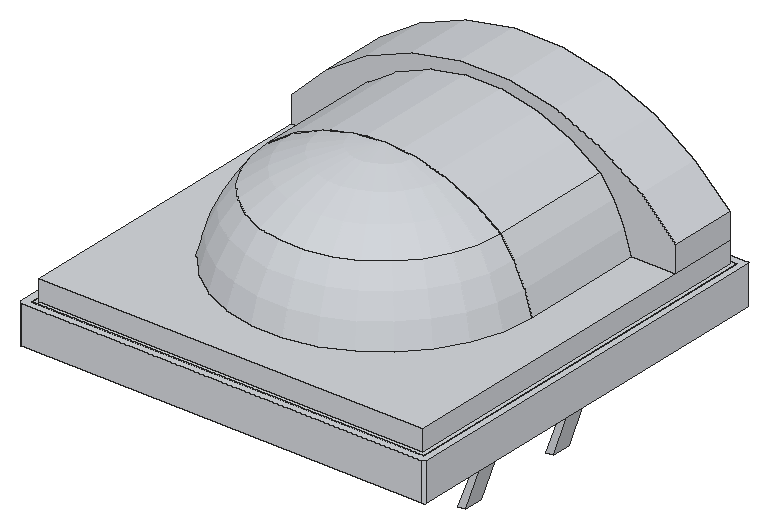
Revit family "Gira_537501", category Electrical Fixtures, host Face, Revit 2017
Family settings
  Host = Face
  Maintain Annotation Orientation = Yes
  Round Connector Dimension = Use Diameter
  Part Type = Normal
  Cut with Voids When Loaded = No
  Shared = No
  Room Calculation Point = No
Parameters (values of type "S3000 Beweg.m.aufs. 2,20 m Standard System 55 Cremeweiß")
  Werkstoffgüte = "sonstige"
  Werkstoff = "sonstige"
  Vernetzbar = "No"
  Unterkriechschutz/Rückfeldüberwachung = "No"
  URL = "http://katalog.gira.de/de_DE/datenblatt.html?artikelnr=537501"
  Treppenhausüberwachung = "Yes"
  Tierschneise = "No"
  Teach-Funktion für Ansprechhelligkeit = "No"
  Region = "DE"
  RAL-Nummer (ähnlich) = "1013 "
  Name = "S3000 Beweg.m.aufs. 2,20 m Standard System 55 Cremeweiß"
  Montagehöhe = "2,2 m"
  Montageart = "unter Putz"
  Max. Reichweite zu einer Seite = "3 m"
  Max. Reichweite frontal = "12 m"
  Max. Einschaltdauer = "120 s"
  Manufacturer URL = "https://www.gira.de/"
  Konstantlichtregelung = "No"
  Keynote = "Bewegungsmelder_2,20m"
  HeinzeBIM = "https://bimportal.heinze.de/bim/s3000-beweg-m-aufs-2-20-m-standard-system-55-cremeweiss/3989159d0ca8546c59d85e686acc37d2976015f2"
  Halogenfrei = "Yes"
  HLK-Ansteuerung = "No"
  HAN = "537501"
  Geeignet für drahtlose Übertragung = "No"
  Geeignet für Schutzart (IP) = "IP20"
  GTIN = "4010337051138"
  Farbe = "cremeweiß (elektroweiß)"
  Erfassungswinkel horizontal = "1 - 180"
  Default Elevation = 1219.2 mm
  Data sheet (1) = "https://katalog.gira.de/de_DE/download.html?artikelnr=537501"
  Category = "Bewegungsmelder-Sensor"
  Available = "Yes"
  Ausführung = "Bewegungsmelder"
  Ansprechhelligkeit einstellbar = "No"
  Ansprechempfindlichkeit einstellbar = "Yes"
Reference planes
  plane 1 "Center (Front/Back)": y = 0
  plane 2: z = 0
  plane 3 "Center (Left/Right)": x = 0
Forms (mm)
  Extrusion 1, solid, detail levels fine
    sketch origin (0, 0, 0) x (1, 0, 0) y (0, 0, 1)
      loop
        line (-33.25, 14.602) -> (-33.25, 10.1) -> (33.25, 10.1) -> (33.25, 14.602)
        arc (33.25, 14.602) -> (0, 30.256) -> (-33.25, 14.602) r 43.139
    from -33.25 to -21.609
  Extrusion 2, solid, detail levels fine
    sketch origin (0, 0, 0) x (1, 0, 0) y (0, 1, 0)
      loop
        line (-33.25, 33.25) -> (-33.25, -33.25) -> (33.25, -33.25) -> (33.25, 33.25) -> (-33.25, 33.25)
    from 6.6 to 10.1
  Extrusion 3, solid, detail levels fine
    sketch origin (0, 0, 0) x (1, 0, 0) y (0, 0, 1)
      loop
        arc (20.138, 21.225) -> (0, 28.457) -> (-20.138, 21.225) r 31.652
        arc (-20.138, 21.225) -> (-23.48, 15.984) -> (-25.486, 10.1) r 26.053
        line (-25.486, 10.1) -> (25.486, 10.1)
        arc (25.486, 10.1) -> (23.48, 15.984) -> (20.138, 21.225) r 26.053
    from -21.609 to 0
  Revolve 4, solid, detail levels fine
    sketch origin (0, 0, 0) x (1, 0, 0) y (0, 0, 1)
      loop
        arc (0, 28.457) -> (-10.699, 26.594) -> (-20.138, 21.225) r 31.652
        arc (-20.138, 21.225) -> (-23.48, 15.984) -> (-25.486, 10.1) r 26.053
        line (-25.486, 10.1) -> (0, 10.1) -> (0, 28.457)
      axis (0, 28.457) -> (0, 10.1)
    angle from -180 to 0
  Extrusion 5, solid, detail levels fine
    sketch origin (0, 0, 0) x (1, 0, 0) y (0, 1, 0)
      loop
        spline (-34.7, 35.2) -> (-34.765, 35.196) -> (-34.829, 35.183) -> (-34.891, 35.162) -> (-34.95, 35.133) -> (-35.004, 35.097) -> (-35.054, 35.054) -> (-35.097, 35.004) -> (-35.133, 34.95) -> (-35.162, 34.891) -> (-35.183, 34.829) -> (-35.196, 34.765) -> (-35.2, 34.7)
        line (-35.2, 34.7) -> (-35.2, -34.7)
        spline (-35.2, -34.7) -> (-35.196, -34.765) -> (-35.183, -34.829) -> (-35.162, -34.891) -> (-35.133, -34.95) -> (-35.097, -35.004) -> (-35.054, -35.054) -> (-35.004, -35.097) -> (-34.95, -35.133) -> (-34.891, -35.162) -> (-34.829, -35.183) -> (-34.765, -35.196) -> (-34.7, -35.2)
        line (-34.7, -35.2) -> (34.7, -35.2)
        spline (34.7, -35.2) -> (34.765, -35.196) -> (34.829, -35.183) -> (34.891, -35.162) -> (34.95, -35.133) -> (35.004, -35.097) -> (35.054, -35.054) -> (35.097, -35.004) -> (35.133, -34.95) -> (35.162, -34.891) -> (35.183, -34.829) -> (35.196, -34.765) -> (35.2, -34.7)
        line (35.2, -34.7) -> (35.2, 34.7)
        spline (35.2, 34.7) -> (35.196, 34.765) -> (35.183, 34.829) -> (35.162, 34.891) -> (35.133, 34.95) -> (35.097, 35.004) -> (35.054, 35.054) -> (35.004, 35.097) -> (34.95, 35.133) -> (34.891, 35.162) -> (34.829, 35.183) -> (34.765, 35.196) -> (34.7, 35.2)
        line (34.7, 35.2) -> (-34.7, 35.2)
      loop
        line (-33.986, 33.986) -> (-33.986, -33.986) -> (33.986, -33.986) -> (33.986, 33.986) -> (-33.986, 33.986)
    from 0 to 6.6
  Extrusion 6, solid, detail levels fine
    sketch origin (0, 0, 0) x (1, 0, 0) y (0, 1, 0)
      loop
        line (-33.986, 33.986) -> (-33.986, -33.986) -> (33.986, -33.986) -> (33.986, 33.986) -> (-33.986, 33.986)
    from 5 to 6.6
  Extrusion 7, solid
    sketch origin (0, 0, 0) x (1, 0, 0) y (0, 1, 0)
      loop
        line (-23.656, 22.752) -> (-23.656, -22.748)
        arc (-23.656, -22.748) -> (-23.409, -23.369) -> (-22.801, -23.65) r 0.904
        line (-22.801, -23.65) -> (22.796, -23.65)
        arc (22.796, -23.65) -> (23.404, -23.369) -> (23.656, -22.748) r 0.904
        line (23.656, -22.748) -> (23.652, 22.752)
        arc (23.652, 22.752) -> (23.404, 23.374) -> (22.796, 23.655) r 0.904
        line (22.796, 23.655) -> (-22.801, 23.655)
        arc (-22.801, 23.655) -> (-23.409, 23.374) -> (-23.656, 22.752) r 0.904
    from -3.2 to 5
  Extrusion 8, solid, detail levels fine
    sketch origin (0, 0, 0) x (1, 0, 0) y (0, 1, 0)
      loop
        line (-27.334, -25) -> (-26.366, -25) -> (-26.366, 26.298) -> (26.366, 26.298) -> (26.366, -25) -> (27.334, -25) -> (27.334, 27.402) -> (-27.334, 27.402) -> (-27.334, -25)
    from -1.1 to 5
  Extrusion 9, solid, detail levels fine
    sketch origin (0, 0, 0) x (1, 0, 0) y (0, 1, 0)
      loop
        line (-5.141, 20.682) -> (-5.141, 15.098)
        spline (-5.141, 15.098) -> (-5.133, 14.968) -> (-5.107, 14.84) -> (-5.065, 14.716) -> (-5.007, 14.599) -> (-4.935, 14.49) -> (-4.849, 14.391) -> (-4.75, 14.305) -> (-4.641, 14.233) -> (-4.524, 14.175) -> (-4.4, 14.133) -> (-4.272, 14.107) -> (-4.142, 14.099)
        line (-4.142, 14.099) -> (4.142, 14.099)
        spline (4.142, 14.099) -> (4.272, 14.107) -> (4.4, 14.133) -> (4.524, 14.175) -> (4.641, 14.233) -> (4.75, 14.305) -> (4.849, 14.391) -> (4.935, 14.49) -> (5.007, 14.599) -> (5.065, 14.716) -> (5.107, 14.84) -> (5.133, 14.968) -> (5.141, 15.098)
        line (5.141, 15.098) -> (5.141, 20.682)
        spline (5.141, 20.682) -> (5.133, 20.812) -> (5.107, 20.94) -> (5.065, 21.064) -> (5.007, 21.181) -> (4.935, 21.29) -> (4.849, 21.389) -> (4.75, 21.475) -> (4.641, 21.547) -> (4.524, 21.605) -> (4.4, 21.647) -> (4.272, 21.673) -> (4.142, 21.681)
        line (4.142, 21.681) -> (-4.142, 21.681)
        spline (-4.142, 21.681) -> (-4.272, 21.673) -> (-4.4, 21.647) -> (-4.524, 21.605) -> (-4.641, 21.547) -> (-4.75, 21.475) -> (-4.849, 21.389) -> (-4.935, 21.29) -> (-5.007, 21.181) -> (-5.065, 21.064) -> (-5.107, 20.94) -> (-5.133, 20.812) -> (-5.141, 20.682)
    from -19.6 to -3.2
  Extrusion 10, solid, detail levels fine
    sketch origin (0, 0, 0) x (1, 0, 0) y (0, 0, 1)
      loop
        line (-24.966, -3.825) -> (-25.395, -8.726) -> (-23.048, -15.543) -> (-21.665, -15.713) -> (-24.338, -8.563) -> (-23.422, -1.1) -> (-25.014, -1.1) -> (-24.966, -3.825)
      loop
        line (24.966, -3.825) -> (25.014, -1.1) -> (23.422, -1.1) -> (24.338, -8.563) -> (21.665, -15.713) -> (23.048, -15.543) -> (25.395, -8.726) -> (24.966, -3.825)
    from -11.1 to -7.9
  Extrusion 11, solid, detail levels fine
    sketch origin (0, 0, 0) x (1, 0, 0) y (0, 0, -1)
      loop
        line (-24.966, 3.825) -> (-25.014, 1.1) -> (-23.422, 1.1) -> (-24.338, 8.563) -> (-21.665, 15.713) -> (-23.048, 15.543) -> (-25.395, 8.726) -> (-24.966, 3.825)
      loop
        line (24.966, 3.825) -> (25.395, 8.726) -> (23.048, 15.543) -> (21.665, 15.713) -> (24.338, 8.563) -> (23.422, 1.1) -> (25.014, 1.1) -> (24.966, 3.825)
    from -11.1 to -7.9
  Extrusion 12, solid
    sketch origin (0, 0, 0) x (1, 0, 0) y (0, 1, 0)
      loop
        line (-23.656, 22.752) -> (-23.656, -22.748)
        arc (-23.656, -22.748) -> (-23.409, -23.369) -> (-22.801, -23.65) r 0.904
        line (-22.801, -23.65) -> (22.796, -23.65)
        arc (22.796, -23.65) -> (23.404, -23.369) -> (23.656, -22.748) r 0.904
        line (23.656, -22.748) -> (23.652, 22.752)
        arc (23.652, 22.752) -> (23.404, 23.374) -> (22.796, 23.655) r 0.904
        line (22.796, 23.655) -> (-22.801, 23.655)
        arc (-22.801, 23.655) -> (-23.409, 23.374) -> (-23.656, 22.752) r 0.904
    from -3.2 to 5
  Extrusion 13, solid, detail levels medium
    sketch origin (0, 0, 0) x (1, 0, 0) y (0, 1, 0)
      loop
        line (-35.2, 35.2) -> (-35.2, -35.2) -> (35.2, -35.2) -> (35.2, 35.2) -> (-35.2, 35.2)
    from 0 to 6.6
  Extrusion 14, solid, detail levels medium
    sketch origin (0, 0, 0) x (1, 0, 0) y (0, 1, 0)
      loop
        line (-33.25, 33.25) -> (-33.25, -33.25) -> (33.25, -33.25) -> (33.25, 33.25) -> (-33.25, 33.25)
    from 6.6 to 30.256
  Extrusion 15, solid, detail levels medium
    sketch origin (0, 0, 0) x (1, 0, 0) y (0, 1, 0)
      loop
        line (-23.656, 23.655) -> (-23.656, -23.65) -> (23.656, -23.65) -> (23.656, 23.655) -> (-23.656, 23.655)
    from -3.2 to 5
  Extrusion 16, solid, detail levels medium
    sketch origin (0, 0, 0) x (1, 0, 0) y (0, 0, 1)
      loop
        line (-25.014, -1.1) -> (-25.014, -15.713) -> (-21.665, -15.713) -> (-21.665, -1.1) -> (-25.014, -1.1)
      loop
        line (25.014, -1.1) -> (21.665, -1.1) -> (21.665, -15.713) -> (25.014, -15.713) -> (25.014, -1.1)
    from -11.1 to -7.9
  Extrusion 17, solid, detail levels medium
    sketch origin (0, 0, 0) x (1, 0, 0) y (0, 0, -1)
      loop
        line (-25.014, 1.1) -> (-21.665, 1.1) -> (-21.665, 15.713) -> (-25.014, 15.713) -> (-25.014, 1.1)
      loop
        line (25.014, 1.1) -> (25.014, 15.713) -> (21.665, 15.713) -> (21.665, 1.1) -> (25.014, 1.1)
    from -11.1 to -7.9
  Extrusion 18, solid, detail levels medium
    sketch origin (0, 0, 0) x (1, 0, 0) y (0, 1, 0)
      loop
        line (-5.141, 14.099) -> (5.141, 14.099) -> (5.141, 21.681) -> (-5.141, 21.681) -> (-5.141, 14.099)
    from -19.6 to -3.2
  Extrusion 19, solid, detail levels coarse
    sketch origin (0, 0, 0) x (1, 0, 0) y (0, 1, 0)
      loop
        line (-35.2, 35.2) -> (-35.2, -35.2) -> (35.2, -35.2) -> (35.2, 35.2) -> (-35.2, 35.2)
    from -19.6 to 30.256
Dimensions and locks
  aligned and locked: plane 2 to host face
  aligned and locked: level to host face
  aligned and locked: nested 1 to plane 3 "Center (Left/Right)"
  aligned and locked: plane 1 "Center (Front/Back)" to nested 1
Nested families
  nested 1: "Belegungssensor - Bewegung - Aufputz - Beschriftung" at (0, 0, 0) x (0, -1, 0) z (0, 0, 1), type "Belegungssensor - Bewegung - Aufputz - Beschriftung"
Connectors
  electrical at (0, 0, -19.6)
    settings: on Extrusion 19, index 1, voltage 220 V, apparent load 0 VA, apparent load phase1 0 VA, apparent load phase2 0 VA, apparent load phase3 0 VA, power factor 1, load classification "Other", number of poles 1, system type 30, power factor state 1, is connector primary yes, connector utility no, sub classification motor no, connector description ""
Definition of nested family "Belegungssensor - Bewegung - Aufputz - Beschriftung"
  Reference planes
    plane 1: y = 0
    plane 2: x = 0
  Lines and regions (mm)
    Filled region 1, type "Gefüllter Bereich 1"
      outline origin (143.425, -20.712, 0) x (1, 0, 0) y (0, 1, 0)
        loop
          line (-148.697, 21.204) -> (-148.697, 20.409) -> (-147.583, 20.807) -> (-148.697, 21.204)
    Filled region 2, type "Gefüllter Bereich 1"
      outline origin (141.808, 30.001, 0) x (0.939693, 0.34202, 0) y (-0.34202, 0.939693, 0)
        loop
          line (-148.694, 21.203) -> (-148.694, 20.41) -> (-147.583, 20.807) -> (-148.694, 21.203)
    Filled region 3, type "Gefüllter Bereich 1"
      outline origin (141.819, -29.825, 0) x (-0.34202, -0.939693, 0) y (0.939693, -0.34202, 0)
        loop
          line (21.204, -148.697) -> (20.807, -147.583) -> (20.409, -148.697) -> (21.204, -148.697)
    detail lines
      curve 1: line (-1.207, 0.095, 0) -> (-3.486, 1.411, 0)
      curve 2: line (-1.207, 0.095, 0) -> (-3.486, -1.221, 0)
      curve 5: arc (-3.252, 1.752, 0) -> (-3.839, 0.095, 0) -> (-3.252, -1.562, 0) r 2.632
      curve 6: line (-6, 3, 0) -> (0, 3, 0)
      curve 7: line (-6, -3, 0) -> (-6, 3, 0)
      curve 8: line (0, -3, 0) -> (-6, -3, 0)
      curve 9: line (0, 3, 0) -> (0, -3, 0)
    reference lines
      curve 3: line (-1.207, 0.095, 0) -> (-3.616, 2.046, 0)
      curve 4: line (-1.207, 0.095, 0) -> (-3.616, -1.856, 0)
  Dimensions and locks
    curve 1 to curve 1 = 2.632 mm
    curve 2 to curve 2 = 2.632 mm
    curve 6 to curve 8 = 6 mm
    curve 7 to curve 9 = 6 mm
    angle curve 1 to curve 2 = 60.00°
    aligned and locked: curve 6 to curve 7
    aligned and locked: curve 9 to curve 9
